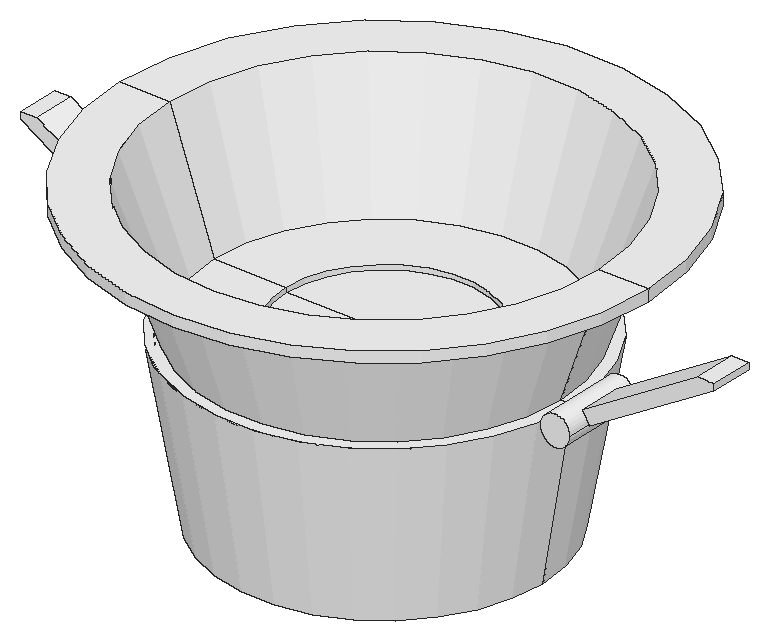
Revit family "Thorn Chalice 3 200", category Lighting Fixtures, host Face, Revit 2018
Family settings
  Host = Face
  Round Connector Dimension = Use Diameter
  Part Type = Normal
  OmniClass Number = 23.80.70.11
  OmniClass Title = Luminaries for Internal Lighting
  Cut with Voids When Loaded = No
  Light Source = Yes
  Shared = No
  Room Calculation Point = No
Parameters (values of type "CHAL3 200 5000-840 HFIX WFL RSB")
  Width = 223 mm  # constant formula
  Wattage Comments = ""
  Wattage = 53.581 W
  built-in parameter 1150110 = 1 (stored number, unit not read)
  Voltage = 230 V  # constant formula
  URL = "www.thornlighting.com/92989427"
  Type Comments = "© Thorn Lighting. We reserve the right to make technical changes without prior notice."  # constant formula
  built-in parameter 1114217 = 1 (stored number, unit not read)
  Tilt Angle = -90.00°
  built-in parameter 1150109 = 1 (stored number, unit not read)
  built-in parameter 1150134 = 12
  built-in parameter 1150113 = 1 (stored number, unit not read)
  Photometric Web File = "92989427_(STD).IES"
  No of Lamps = 1
  Model = "92989427"
  Manufacturer = "Thorn Lighting"  # constant formula
  built-in parameter 1150105 = 447.7 (stored number, unit not read)
  Lumens = 5626 lm
  built-in parameter 1150115 = 1 (stored number, unit not read)
  built-in parameter 1150137 = (empty or 0)
  built-in parameter 1150139 = (empty or 0)
  Length = 223 mm  # constant formula
  built-in parameter 1150112 = 1 (stored number, unit not read)
  built-in parameter 1150114 = 1 (stored number, unit not read)
  Lamp = "LED"
  built-in parameter 1150132 = 2
  built-in parameter 1150102 = (empty or 0)
  built-in parameter 1150107 = 4000 (stored number, unit not read)
  built-in parameter 1150138 = (empty or 0)
  built-in parameter 1150106 = 4.477 (stored number, unit not read)
  Height = 134 mm  # constant formula
  Emit from Circle Diameter = 181.2 mm  # constant formula
  Emit Shape Visible in Rendering = no
  built-in parameter 1150104 = 9.7548 (stored number, unit not read)
  Dimming Lamp Color Temperature Shift = <None>
  Description = "Ceiling recessed luminaire"  # constant formula
  Default Elevation = 0 mm
  Cost = 0
  Color Filter = 16777215
  Body [instance] = Zumtobel_Metal_White
  built-in parameter 1114218 = 1 (stored number, unit not read)
  built-in parameter 1150133 = 10 (stored number, unit not read)
  Assembly Code = "D5020200"
  Apparent Load = 43.7 VA
Reference planes
  plane 1 "Centre (Front/Back)": y = 0
  plane 2: z = 0
  plane 3 "Centre (Left/Right)": x = 0
Forms (mm)
  Extrusion 1, void
    sketch origin (0, 0, 0) x (1, 0, 0) y (0, 1, 0)
      loop
        circle (0, 0) r 100
    from 5 to -134
  Revolve 2, solid, material "Zumtobel_Metal_White" <- "Body"
    sketch origin (0, 0, 0) x (1, 0, 0) y (0, 0, 1)
      loop
        line (-90.569, 4.582) -> (-111.5, 4.582) -> (-111.5, 0) -> (-92.128, 0) -> (-74.264, -50.395) -> (-41.391, -50.395) -> (-41.391, -48.402) -> (-71.788, -48.402) -> (-90.569, 4.582)
      axis (0, 4.582) -> (0, -50.395)
    angle from 0 to 360
  Extrusion 3, solid, material "Zumtobel_Metal_White" <- "Body"
    sketch origin (0, 0, 0) x (1, 0, 0) y (0, 0, 1)
      loop
        line (-90.96, -44.106) -> (-139.459, -14.832) -> (-146.357, -14.832) -> (-146.357, -17.444) -> (-93.957, -49.071) -> (-90.96, -44.106)
      loop
        line (90.96, -44.106) -> (93.957, -49.071) -> (146.357, -17.444) -> (146.357, -14.832) -> (139.459, -14.832) -> (90.96, -44.106)
    from -9 to 9
  Extrusion 4, solid, material "Zumtobel_Metal_White" <- "Body"
    sketch origin (0, 0, 0) x (1, 0, 0) y (0, 0, 1)
      loop
        circle (-85.744, -50.395) r 6.228
      loop
        circle (85.744, -50.395) r 6.228
    from -17 to 17
  Revolve 5, solid, material "Zumtobel_Metal_White" <- "Body"
    sketch origin (0, 0, -10) x (1, 0, 0) y (0, 0, 1)
      loop
        line (-79.516, -40.395) -> (-66.841, -112.28) -> (0, -112.28) -> (0, -109.28) -> (-64.324, -109.28) -> (-75.941, -43.395) -> (0, -43.395) -> (0, -40.395) -> (-79.516, -40.395)
      axis (0, -40.395) -> (0, -112.28)
    angle from 0 to 360
Dimensions and locks
  aligned and locked: plane 2 to host face
  aligned and locked: level to host face
Connectors
  electrical at (0, 0, -122.28), driven by "Apparent Load"
    settings: on Revolve 5, index 1, voltage 0 V, apparent load 0 VA, apparent load phase1 43.7 VA, apparent load phase2 0 VA, apparent load phase3 0 VA, power factor 1, load classification "Lighting", number of poles 1, system type 31, power factor state 1, is connector primary yes, connector utility no, sub classification motor no, connector description "Power"
